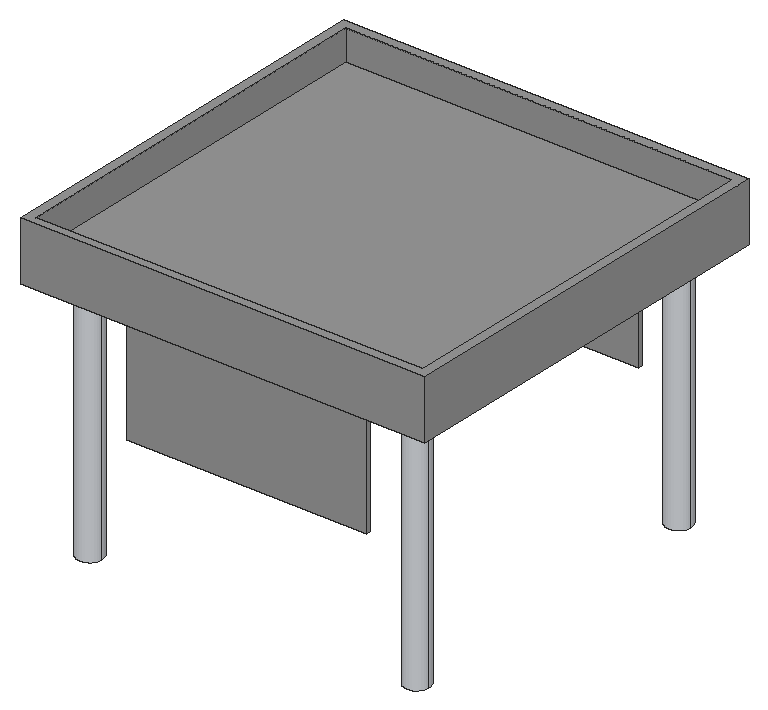
Revit family "Nivellierbare Schwerlastkassette, blind, RKNSL, 15, 4", category Generic Models, Revit 2015
Parameters (values of type "RKN2 4 VMSL1N 15")
  Width = 199 mm
  URL = "http://www.obo-bettermann.com"
  Material = Stainless Steel, Polished
  Manufacturer Art.No. = "7409008"
  Manufacturer = "OBO Bettermann"
  Length = 199 mm
  HeightCalc = if(Height < 100 mm, 100 mm, (if(Height > 150 mm, 150 mm, Height)))  # 150 mm
  Height 1 = 29 mm
  Height = 150 mm
  GTIN = "4012195867463"
  Cut depth = 15 mm
  Article Type = "RKN2 4 VMSL1N 15"
Reference planes
  plane 1 "Center (Front/Back)": y = 0
  plane 2: z = 0
  plane 3 "Center (Left/Right)": x = 0
  plane 4: z = 121
  plane 5: y = 99.5
  plane 6: y = -99.5
  plane 7: z = 150
  plane 8: z = 60
  plane 9: z = 135
Forms (mm)
  Extrusion 1, solid
    sketch origin (0, 0, 0) x (1, 0, 0) y (0, 1, 0)
      loop
        circle (-80.5, -80.5) r 6
      loop
        circle (-80.5, 80.5) r 6
      loop
        circle (80.5, 80.5) r 6
      loop
        circle (80.5, -80.5) r 6
    from 0 to 121
  Extrusion 2, solid, material "Stainless Steel, Polished" <- "Material"
    sketch origin (0, 0, 0) x (1, 0, 0) y (0, 0, 1)
      loop
        line (-99.5, 150) -> (-99.5, 121) -> (99.5, 121) -> (99.5, 150) -> (-99.5, 150)
    from -99.5 to 99.5
  Extrusion 3, solid, material "Stainless Steel, Polished" <- "Material"
    sketch origin (0, 0, 0) x (1, 0, 0) y (0, 1, 0)
      loop
        line (-59, 84.5) -> (-59, 82.5) -> (59, 82.5) -> (59, 84.5) -> (-59, 84.5)
      loop
        line (-59, -82.5) -> (-59, -84.5) -> (59, -84.5) -> (59, -82.5) -> (-59, -82.5)
    from 60 to 121
  Extrusion 4, void
    sketch origin (0, 0, 0) x (1, 0, 0) y (0, 1, 0)
      loop
        line (-95.3, 95.3) -> (-95.3, -95.3) -> (95.3, -95.3) -> (95.3, 95.3) -> (-95.3, 95.3)
    from 135 to 150
Cuts and joins
  Extrusion 4 cuts Extrusion 1
  Extrusion 4 cuts Extrusion 2
  Extrusion 4 cuts Extrusion 3
Dimensions and locks
  locked: Extrusion 1 sketch curve to plane 1 "Center (Front/Back)" at 74.5  (x2)
  locked: Extrusion 1 sketch curve to plane 3 "Center (Left/Right)" at 80.5  (x2)
  locked: plane 1 "Center (Front/Back)" to Extrusion 1 sketch curve at 74.5  (x2)
  locked: plane 3 "Center (Left/Right)" to Extrusion 1 sketch curve at 80.5  (x2)
  "Width": Extrusion 2 sketch curve to Extrusion 2 sketch curve
  locked: plane 3 "Center (Left/Right)" to Extrusion 2 sketch curve at 99.5
  locked: Extrusion 2 sketch curve to Extrusion 2 sketch curve at 29
  "HeightCalc": plane 7 to level
  "Height 1": plane 7 to plane 4
  locked: Extrusion 3 sketch curve to Extrusion 3 sketch curve at 118  (x2)
  equal spacing: Extrusion 3 sketch curve, plane 3 "Center (Left/Right)", Extrusion 3 sketch curve, locked at 59 each  (x2)
  locked: Extrusion 3 sketch curve to Extrusion 2 at 15  (x2)
  locked: Extrusion 3 sketch curve to Extrusion 3 sketch curve at 2  (x2)
  locked: plane 4 to plane 8 at 61
  locked: Extrusion 4 sketch curve to Extrusion 4 sketch curve at 190.6  (x2)
  equal spacing: Extrusion 4 sketch curve, plane 3 "Center (Left/Right)", Extrusion 4 sketch curve, locked at 95.3 each
  equal spacing: Extrusion 4 sketch curve, plane 1 "Center (Front/Back)", Extrusion 4 sketch curve, locked at 95.3 each
  "Cut depth": plane 7 to plane 9
  "Length": plane 5 to plane 6
  equal spacing: plane 5, plane 1 "Center (Front/Back)", plane 6, locked at 99.5 each
  diameter of Extrusion 1 sketch curve = 12 mm  (x3)
  aligned and locked: level to plane 2
  aligned and locked: plane 4 to Extrusion 1
  aligned and locked: plane 4 to Extrusion 2 sketch curve
  aligned and locked: plane 6 to Extrusion 2
  aligned and locked: Extrusion 2 to plane 5
  aligned and locked: plane 7 to Extrusion 2
  aligned and locked: Extrusion 1 to Extrusion 3
  aligned and locked: Extrusion 3 to plane 8
  aligned and locked: cut or joined group of Extrusion 2, Extrusion 4 to Extrusion 4
  aligned and locked: Extrusion 4 to plane 9
Automatic sketch dimensions
  Extrusion 1 sketch curve to plane 6 = 19 mm
